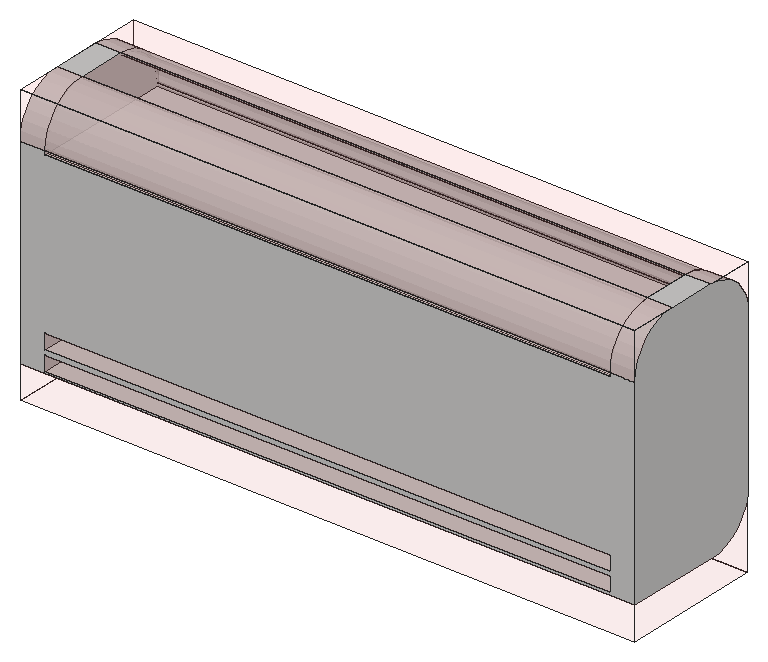
Revit family "Air-Curtain_Climate-Control_PoweredAire_EVE-E", category Mechanical Equipment, host Face, Revit 2026
Family settings
  Host = Face
  Round Connector Dimension = Use Diameter
  Part Type = Normal
  Classification Number = 23.75.35.17.21
  Cut with Voids When Loaded = No
  Maintain Annotation Orientation = No
  Shared = No
  Room Calculation Point = No
Parameters
  Warranty Duration (Years) = 0
  Unit Width Notes = "Other Widths available."  # constant formula
  Unit Width = 3' - 1"
  Unit Weight = 59
  Unit Height = 0' - 8 1/2"  # constant formula
  Unit Depth = 1' - 2 205/256"  # constant formula
  URL = "http://www.poweredaire.com/"
  Test Data = ""
  Temperature Rise_Range = "27"
  Standards Conformance = "ETL  ;  Made in USA"
  Specification = "http://www.arcat.com/sdspecs/htm04/23_34_33pai.htm"
  SpecWizard = ""
  Sound Pressure = "53 dBA"
  Sales Information = "https://poweredaire.com/contact"
  Revision = ""
  Projection from Host [instance] = 0' - 2"
  Product Properties = ""
  Product Data = "http://www.arcat.com/arcatcos/cos47/arc47623.html"
  Power Rating = 0 W
  Outlet Volume_Range = "961 CFM"
  Outlet Velocity_Range = "1316 FPM"
  Nozzle Width = 2' - 11"
  Mounting Width = Unit Width - 0' 1"  # 3' - 0"
  Mounting Height [instance] = 3' - 6"
  Motor RPM = 1075
  Motor HP = 0.2
  Motor Count = 1
  Model = "EVE-1-36E"
  Max Height = 12' - 0"
  Manufacturer Website = "http://www.poweredaire.com/"
  Manufacturer Phone - Toll Free = "888-321-2473"
  Manufacturer Phone = "724-588-3305"
  Manufacturer Fax = "724-588-3371"
  Manufacturer Address = "109 Mortensen Rd.  Greenville, PA 16125"
  Manufacturer = "Powered Aire, Inc"
  Maintenance Schedule (Months) = 0
  Keynote = "23 34 33"
  Installation-Fabrication = ""
  Installation Phase = ""
  Include Clearance [instance] = yes
  Heating Element Load = 0 W
  HVAC_Temperature Rise [instance] = 0 °F
  HVAC_Outlet Volume [instance] = 0 CFM
  HVAC_Outlet Velocity Uniformity = 0.87
  HVAC_Outlet Velocity [instance] = 0 FPM
  Green Building-LEED = "http://www.arcat.com/green/clients/leed_data_47623.html"
  Front Grating Material [instance] = Metal - Steel - PoweredAire - Stainless 304 Perforated
  Frame Finish [instance] = Metal - Steel - PoweredAire - Stainless 304
  Expected Lifespan (Years) = 0
  Electrical_Wattage [instance] = Power Rating + Heating Element Load  # 0 W
  Electrical_Voltage [instance] = 0 V
  Electrical_Phase [instance] = 2
  Electrical_Frequency [instance] = 0 Hz
  Electrical_Amperage [instance] = 0 A
  Drawn By = ""
  Description = "Powered Aire Electrically Heated Climate Control Air Curtain - EVE-1-36E as Specified"
  Default Elevation = 0' - 0"  # constant formula
  Copyright = "©Arcat Inc."
  Construction Details = "http://www.arcat.com/details/powair/prod3336.html"
  Clearance_Top [instance] = 0' - 0"
  Clearance_Side B [instance] = 0' - 0"
  Clearance_Side A [instance] = 0' - 0"
  Clearance_Intake [instance] = 0' - 0"
  Clearance_Bottom [instance] = 0' - 0"
  Clearance Material [instance] = ARCAT Clearance
  Building Codes = ""
  Available Options [instance] = "as Specified"
  Assembly Code = "D3090400"
Reference planes (in)
  plane 1 "Center (Elevation)": y = 0.13818
  plane 2: z = 0
  plane 3 "Center (Left/Right)": x = 0
  plane 4: y = 4.38818
  plane 5: y = -4.11182
  plane 6: x = -18.5
  plane 7: x = 18.5
  plane 8: z = 16.80078
  plane 9 "FF": y = -41.86182
  plane 10: z = 2
  plane 11: x = 17
  plane 12: x = -17
  plane 13 "CL-3": y = 4.38818
  plane 14 "CL-2": y = -4.11182
  plane 15: x = -18.5
  plane 16: x = 18.5
  plane 17 "CL-1": z = 16.80078
  plane 18: z = 13.80078
Forms (in)
  Extrusion 1, solid, material "Metal - Steel - PoweredAire - Stainless 304" <- "Frame Finish"
    sketch origin (0, 0, 0) x (0, 1, 0) y (0, 0, 1)
      loop
        line (-4.11182, 14) -> (-4.11182, 2) -> (1.58818, 2)
        arc (1.58818, 2) -> (3.56808, 2.8201) -> (4.38818, 4.8) r 2.8
        line (4.38818, 4.8) -> (4.38818, 14)
        arc (4.38818, 14) -> (3.56808, 15.9799) -> (1.58818, 16.8) r 2.8
        line (1.58818, 16.8) -> (-1.31182, 16.80078)
        arc (-1.31182, 16.80078) -> (-3.29172, 15.9799) -> (-4.11182, 14) r 2.8
    from 17 to 18.5
  Extrusion 2, solid, material "Metal - Steel - PoweredAire - Stainless 304 Perforated" <- "Front Grating Material"
    sketch origin (0, 0, 0) x (0, 1, 0) y (0, 0, 1)
      loop
        arc (-1.31182, 16.8) -> (-3.29172, 15.9799) -> (-4.11182, 14) r 2.8
        line (-4.11182, 14) -> (-4.11182, 13.80078) -> (-3.98682, 13.80078) -> (-3.98682, 14)
        arc (-3.98682, 14) -> (-3.20333, 15.89151) -> (-1.31182, 16.675) r 2.675
        line (-1.31182, 16.675) -> (1.58818, 16.67578)
        arc (1.58818, 16.67578) -> (3.47969, 15.89151) -> (4.26318, 14) r 2.675
        line (4.26318, 14) -> (4.26318, 13.80078) -> (4.38818, 13.80078) -> (4.38818, 14)
        arc (4.38818, 14) -> (3.56808, 15.9799) -> (1.58818, 16.8) r 2.8
        line (1.58818, 16.8) -> (-1.31182, 16.8)
    from -17 to 17
  Extrusion 3, solid, material "ARCAT Clearance" <- "Clearance Material", visible <- "Include Clearance"
    sketch origin (0, 0, 0) x (0, 1, 0) y (0, 0, 1)
      loop
        line (-4.11182, 16.80078) -> (-4.11182, 0) -> (4.38818, 0) -> (4.38818, 16.80078) -> (-4.11182, 16.80078)
    from -18.5 to 18.5
  Extrusion 4, solid, material "Metal - Steel - PoweredAire - Stainless 304" <- "Frame Finish"
    sketch origin (0, 0, 0) x (0, 1, 0) y (0, 0, 1)
      loop
        line (-4.11182, 14) -> (-4.11182, 2) -> (1.58818, 2)
        arc (1.58818, 2) -> (3.56808, 2.8201) -> (4.38818, 4.8) r 2.8
        line (4.38818, 4.8) -> (4.38818, 14)
        arc (4.38818, 14) -> (3.56808, 15.9799) -> (1.58818, 16.8) r 2.8
        line (1.58818, 16.8) -> (-1.31182, 16.80078)
        arc (-1.31182, 16.80078) -> (-3.29172, 15.9799) -> (-4.11182, 14) r 2.8
    from -18.5 to -17
  Extrusion 5, solid, material "Metal - Steel - PoweredAire - Stainless 304" <- "Frame Finish"
    sketch origin (0, 0, 0) x (0, 1, 0) y (0, 0, 1)
      loop
        line (-4.11182, 13.80078) -> (-4.11182, 4.2) -> (-1.86182, 4.2) -> (-1.86182, 3.2875) -> (-4.11182, 3.2875) -> (-4.11182, 3.0375) -> (-1.86182, 3.0375) -> (-1.86182, 2.125) -> (-4.11182, 2.125) -> (-4.11182, 2) -> (1.58818, 2)
        arc (1.58818, 2) -> (3.56808, 2.8201) -> (4.38818, 4.8) r 2.8
        line (4.38818, 4.8) -> (4.38818, 13.80078) -> (-4.11182, 13.80078)
    from -17 to 17
Cuts and joins
  joined: Extrusion 1, Extrusion 4, Extrusion 5
Dimensions and locks (in)
  equal spacing: plane 4, plane 1 "Center (Elevation)", plane 5
  "Unit Height": plane 4 to plane 5
  equal spacing: plane 6, plane 3 "Center (Left/Right)", plane 7
  "Unit Width": plane 6 to plane 7
  "Mounting Height": plane 1 "Center (Elevation)" to plane 9 "FF"
  "Projection from Host": plane 10 to level
  "Unit Depth": plane 8 to plane 10
  locked: plane 6 to plane 12 at 1.5
  locked: plane 11 to plane 7 at 1.5
  "Clearance_Side A": plane 7 to plane 16
  "Clearance_Side B": plane 15 to plane 6
  "Clearance_Top": plane 13 "CL-3" to plane 4
  "Clearance_Bottom": plane 5 to plane 14 "CL-2"
  "Clearance_Intake": plane 17 "CL-1" to plane 8
  locked: plane 8 to plane 18 at 3
  locked: Extrusion 2 sketch curve to plane 18 at 0.19922  (x2)
  locked: Extrusion 1 sketch curve to plane 18 at 0.19922  (x2)
  locked: Extrusion 4 sketch curve to plane 18 at 0.19922  (x2)
  locked: plane 5 to Extrusion 5 sketch curve at 2.25
  Extrusion 5 sketch curve to Extrusion 5 sketch curve to Extrusion 5 sketch curve to Extrusion 5 sketch curve to plane 10 = 0' - 0.9125" locked, 0' - 0 1/4" locked, 0' - 0.9125" locked, 0' - 0 1/8" locked
  locked: plane 8 to Extrusion 2 sketch curve at 0.125
  aligned and locked: plane 2 to host face
  aligned and locked: level to host face
  aligned and locked: plane 7 to Extrusion 1
  aligned and locked: Extrusion 1 to plane 11
  aligned and locked: plane 11 to Extrusion 2
  aligned and locked: Extrusion 2 to plane 12
  aligned and locked: Extrusion 3 sketch curve to plane 17 "CL-1"
  aligned and locked: plane 14 "CL-2" to Extrusion 3 sketch curve
  aligned and locked: level to Extrusion 3 sketch curve
  aligned and locked: Extrusion 3 sketch curve to plane 13 "CL-3"
  aligned and locked: plane 16 to Extrusion 3
  aligned and locked: Extrusion 3 to plane 15
  aligned and locked: plane 12 to Extrusion 4
  aligned and locked: Extrusion 4 to plane 6
  aligned and locked: Extrusion 2 sketch curve to plane 18  (x2)
  aligned and locked: Extrusion 4 sketch curve to plane 10
  aligned and locked: Extrusion 1 sketch curve to plane 10
  aligned and locked: Extrusion 5 sketch curve to plane 18
  aligned and locked: Extrusion 5 sketch curve to plane 10
  aligned and locked: Extrusion 5 to plane 12
  aligned and locked: plane 11 to Extrusion 5
  aligned and locked: plane 8 to Extrusion 1 sketch curve
  aligned and locked: plane 8 to Extrusion 4 sketch curve
  aligned and locked: plane 8 to Extrusion 2 sketch curve
  aligned and locked: Extrusion 5 sketch curve to plane 5  (x2)
  aligned and locked: plane 5 to Extrusion 5 sketch curve
  aligned and locked: plane 4 to Extrusion 1 sketch curve
  aligned and locked: plane 4 to Extrusion 2 sketch curve
  aligned and locked: Extrusion 5 sketch curve to plane 4
Automatic sketch dimensions
  host sketch curve to host sketch curve = 8' - 0"  (x2)
  plane 5 to Extrusion 1 sketch curve = 0' - 2.8"
  plane 1 "Center (Elevation)" to Extrusion 1 sketch curve = 0' - 1.45"
  Extrusion 1 sketch curve to plane 1 "Center (Elevation)" = 0' - 1.45"  (x2)
  Extrusion 1 sketch curve to Extrusion 1 sketch curve = 0' - 0"
  Extrusion 1 sketch curve to plane 5 = 0' - 0"
  Extrusion 4 sketch curve to plane 5 = 0' - 0"
  Extrusion 4 sketch curve to plane 4 = 0' - 0"
  plane 1 "Center (Elevation)" to Extrusion 4 sketch curve = 0' - 1.45"
  Extrusion 4 sketch curve to plane 1 "Center (Elevation)" = 0' - 1.45"  (x2)
  Extrusion 4 sketch curve to Extrusion 4 sketch curve = 0' - 0"  (x2)
  Extrusion 2 sketch curve to plane 4 = 0' - 2.8"
  Extrusion 2 sketch curve to plane 1 "Center (Elevation)" = 0' - 1.45"
  Extrusion 2 sketch curve to Extrusion 2 sketch curve = 0' - 0"  (x6)
  plane 5 to Extrusion 2 sketch curve = 0' - 0 1/8"
  Extrusion 2 sketch curve to plane 4 = 0' - 0 1/8"
  plane 5 to Extrusion 2 sketch curve = 0' - 2.8"
  Extrusion 2 sketch curve to plane 5 = 0' - 0"
  Extrusion 5 sketch curve to Extrusion 5 sketch curve = 0' - 0"
  Extrusion 5 sketch curve to plane 1 "Center (Elevation)" = 0' - 1.45"
  Extrusion 2 sketch curve to Extrusion 2 sketch curve = 0' - 0.00078"
Connectors (in)
  electrical at (-18.5, 0.34532, 10.05725), driven by "Electrical_Voltage", driven by "Electrical_Phase"
    settings: on cut or joined group of Extrusion 1, Extrusion 4, Extrusion 5, index 1, voltage 0 V, apparent load 0 VA, apparent load phase1 0 VA, apparent load phase2 0 VA, apparent load phase3 0 VA, power factor 1, load classification "Other", number of poles 2, system type 31, power factor state 1, is connector primary yes, connector utility no, sub classification motor no, connector description "Power Connector"
